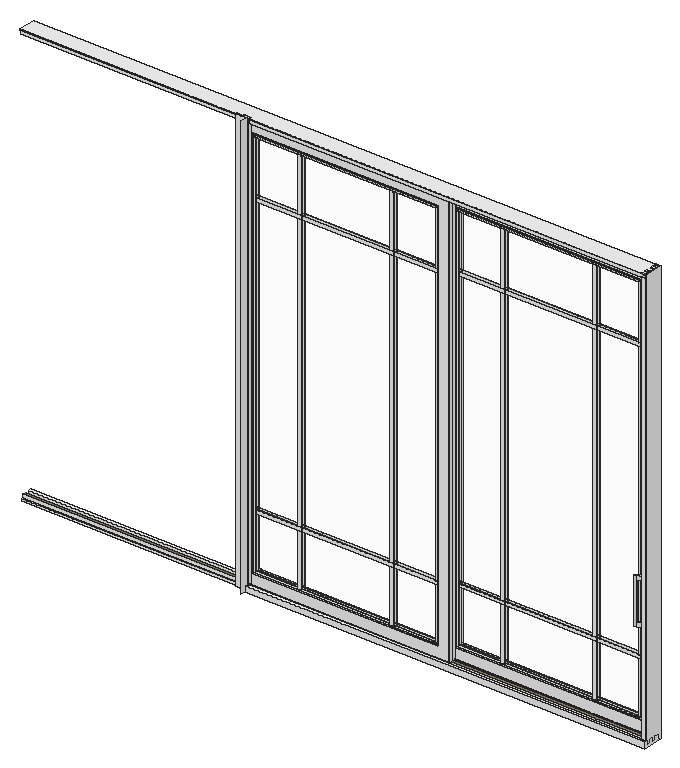
Revit family "Sliding_Glass-Pocket-PGT-Aluminum_Preferred-SGD770-XXd", category Doors, host Wall, Revit 2015 (continued)
Definition of nested family "SGD Door Panel Detail"
  Lines and regions (in)
    Masking region 3, in view "Ref. Level", visible <- "Left Clip", detail levels medium+fine
      outline origin (0, 0, 0) x (1, 0, 0) y (0, 1, 0)
        loop
          line (28.12788, -1.14349) -> (29.85933, -1.14349) -> (30, -1.00281) -> (30, -0.57438) -> (29.77247, -0.80191) -> (28.9814, -0.80191) -> (28.88689, -1.06157) -> (28.28853, -1.06157) -> (28.12362, -1.10269)
    Masking region 4, in view "Ref. Level", detail levels medium+fine
      outline origin (0, 0, 0) x (1, 0, 0) y (0, 1, 0)
        loop
          line (-26.56527, 0.50891) -> (-26.56527, -0.49109) -> (26.56527, -0.49109) -> (26.56527, 0.50891) -> (-26.56527, 0.50891)
    Masking region 5, in view "Ref. Level", detail levels medium+fine
      outline origin (0, 0, 0) x (1, 0, 0) y (0, 1, 0)
        loop
          line (-25.92332, -0.49109) -> (-25.92332, -0.60328) -> (-26.81855, -0.60328) -> (-26.81855, -0.35553) -> (-26.88705, -0.35553) -> (-26.88705, -0.64828) -> (-25.87832, -0.64828) -> (-25.87832, -0.49109) -> (-25.92332, -0.49109)
        loop
          line (26.88705, -0.64828) -> (26.88705, -0.35553) -> (26.81855, -0.35553) -> (26.81855, -0.60328) -> (25.92332, -0.60328) -> (25.92332, -0.49109) -> (25.87832, -0.49109) -> (25.87832, -0.64828) -> (26.88705, -0.64828)
    Masking region 6, in view "Ref. Level", visible <- "Right Clip", detail levels medium+fine
      outline origin (0, 2.5, 0) x (1, 0, 0) y (0, 1, 0)
        loop
          arc (28.12788, -1.35651) -> (28.10803, -1.37506) -> (28.12362, -1.39731) r 0.02071
          line (28.12362, -1.39731) -> (28.28853, -1.43843) -> (28.88689, -1.43843) -> (28.9814, -1.69809) -> (29.77247, -1.69809) -> (30, -1.92562) -> (30, -1.49719) -> (29.85933, -1.35651) -> (28.12788, -1.35651)
    Masking region 7, in view "Ref. Level", visible <- "Closed", detail levels medium+fine
      outline origin (0, 0, 0) x (1, 0, 0) y (0, 1, 0)
        loop
          line (-26.88633, 0.80191) -> (-29.77247, 0.80191) -> (-30, 0.57438) -> (-30, -0.57438) -> (-29.77247, -0.80191) -> (-27.01717, -0.80191) -> (-26.88705, -0.67179) -> (-26.88705, -0.33998) -> (-26.8209, -0.33998) -> (-26.77727, -0.5874) -> (-26.75283, -0.56296) -> (-26.75283, 0.55324) -> (-26.37219, 0.56792) -> (-25.97075, 0.53985) -> (-25.97075, 0.50891) -> (-25.87824, 0.50891) -> (-25.87824, 0.57944) -> (-26.49187, 0.63891) -> (-26.75693, 0.63891) -> (-26.75693, 0.67251) -> (-26.88633, 0.80191)
        loop
          line (29.77247, 0.80191) -> (26.88633, 0.80191) -> (26.75693, 0.67251) -> (26.75693, 0.63891) -> (26.49187, 0.63891) -> (25.87824, 0.57944) -> (25.87824, 0.50891) -> (25.97075, 0.50891) -> (25.97075, 0.53985) -> (26.37219, 0.56792) -> (26.75283, 0.55324) -> (26.75283, -0.56296) -> (26.77727, -0.5874) -> (26.8209, -0.33998) -> (26.88705, -0.33998) -> (26.88705, -0.67179) -> (27.01717, -0.80191) -> (29.77247, -0.80191) -> (30, -0.57438) -> (30, 0.57438) -> (29.77247, 0.80191)
    Masking region 8, in view "Ref. Level", visible <- "Dbl", detail levels medium+fine
      outline origin (0, 0, 0) x (1, 0, 0) y (0, 1, 0)
        loop
          line (-29.85933, 1.14349) -> (-30, 1.00281) -> (-30, 0.57438) -> (-29.77247, 0.80191) -> (-28.9814, 0.80191) -> (-28.88689, 1.06157) -> (-28.28853, 1.06157) -> (-28.12362, 1.10269)
          arc (-28.12362, 1.10269) -> (-28.10803, 1.12494) -> (-28.12788, 1.14349) r 0.02071
          line (-28.12788, 1.14349) -> (-29.85933, 1.14349)
    detail lines, in view "Ref. Level", detail levels coarse
      curve 1: line (-26.75283, 0.00891, 0) -> (26.75283, 0.00891, 0)
  Dimensions and locks (in)
    equal spacing: plane 4, plane 3 "Center (Left/Right)", plane 5
    "Panel Width": plane 4 to plane 5
    Masking region 1 sketch curve to Masking region 1 sketch curve to Masking region 1 sketch curve to Masking region 1 sketch curve to Masking region 1 sketch curve to Masking region 1 sketch curve = 0.22753" locked, 0" locked, 2.75623" locked, 0.13401" locked, 0.1294" locked
    Masking region 1 sketch curve to Masking region 1 sketch curve to Masking region 1 sketch curve to Masking region 1 sketch curve to Masking region 1 sketch curve to Masking region 1 sketch curve = 0.22753" locked, 0.03588" locked, 1.11288" locked, 0.09813" locked, 0.1294" locked
    Masking region 1 sketch curve to Masking region 1 sketch curve to Masking region 1 sketch curve to Masking region 1 sketch curve to Masking region 1 sketch curve to Masking region 1 sketch curve = 0.22753" locked, 0" locked, 2.7553" locked, 0.13084" locked, 0.1335" locked
    Masking region 1 sketch curve to Masking region 1 sketch curve to Masking region 1 sketch curve to Masking region 1 sketch curve to Masking region 1 sketch curve to Masking region 1 sketch curve = 0.22753" locked, 0.03681" locked, 1.11195" locked, 0.09403" locked, 0.1335" locked
    locked: plane 4 to Masking region 1 sketch curve at 3.24717
    locked: Masking region 1 sketch curve to plane 5 at 3.24717
    Masking region 1 sketch curve to Masking region 1 sketch curve to plane 1 "Center (Front/Back)" = 0" locked, 0.80191" locked
    locked: plane 1 "Center (Front/Back)" to Masking region 4 sketch curve at 0.50891
    "Glass Thickness": Masking region 4 sketch curve to Masking region 4 sketch curve
    locked: plane 4 to Masking region 4 sketch curve at 3.43473
    locked: Masking region 4 sketch curve to plane 5 at 3.43473
    Masking region 5 sketch curve to Masking region 5 sketch curve to Masking region 5 sketch curve to Masking region 5 sketch curve to plane 5 = 0.045" locked, 0.89523" locked, 0.06851" locked, 3.11295" locked
    plane 4 to Masking region 5 sketch curve to Masking region 5 sketch curve to Masking region 5 sketch curve to Masking region 5 sketch curve = 3.11295" locked, 0.06851" locked, 0.89523" locked, 0.045" locked
    Masking region 5 sketch curve to Masking region 5 sketch curve to Masking region 5 sketch curve to Masking region 5 sketch curve to Masking region 5 sketch curve to Masking region 5 sketch curve to plane 1 "Center (Front/Back)" = 0" locked, 0.045" locked, 0" locked, 0.24776" locked, 0" locked, 0.35553" locked
    plane 4 to Masking region 2 sketch curve to Masking region 2 sketch curve to Masking region 2 sketch curve to Masking region 2 sketch curve to Masking region 2 sketch curve to Masking region 2 sketch curve to Masking region 2 sketch curve to Masking region 2 sketch curve to Masking region 2 sketch curve to Masking region 2 sketch curve to Masking region 2 sketch curve to Masking region 2 sketch curve to Masking region 2 sketch curve to Masking region 2 sketch curve to Masking region 2 sketch curve to Masking region 2 sketch curve to Masking region 2 sketch curve to Masking region 2 sketch curve = 0" locked, 0" locked, 0.22753" locked, 0" locked, 0.22855" locked, 0" locked, 0.7679" locked, 1.75885" locked, 0.13012" locked, 0.00072" locked, 0.06544" locked, 0.04363" locked, 0.02034" locked, 0.0041" locked, 0.26096" locked, 0.11968" locked, 0.40144" locked, 0.09251" locked
    Masking region 2 sketch curve to Masking region 2 sketch curve to Masking region 2 sketch curve to Masking region 2 sketch curve to Masking region 2 sketch curve to Masking region 2 sketch curve to Masking region 2 sketch curve to Masking region 2 sketch curve to plane 1 "Center (Front/Back)" to Masking region 2 sketch curve to Masking region 2 sketch curve to Masking region 2 sketch curve to Masking region 2 sketch curve to Masking region 2 sketch curve to Masking region 2 sketch curve to Masking region 2 sketch curve to Masking region 2 sketch curve to Masking region 2 sketch curve to Masking region 2 sketch curve = 0.06463" locked, 0.06549" locked, 0.08439" locked, 0.01302" locked, 0.01142" locked, 0.03565" locked, 0.18732" locked, 0.33998" locked, 0.50891" locked, 0.01839" locked, 0.02593" locked, 0.01469" locked, 0.00646" locked, 0.00506" locked, 0.05947" locked, 0.0336" locked, 0.06477" locked, 0.06463" locked
    Masking region 2 sketch curve to Masking region 2 sketch curve to Masking region 2 sketch curve to Masking region 2 sketch curve to Masking region 2 sketch curve to Masking region 2 sketch curve to plane 1 "Center (Front/Back)" to Masking region 2 sketch curve to Masking region 2 sketch curve to Masking region 2 sketch curve to Masking region 2 sketch curve to Masking region 2 sketch curve to Masking region 2 sketch curve to Masking region 2 sketch curve to Masking region 2 sketch curve to Masking region 2 sketch curve = 0.13012" locked, 0.08439" locked, 0.01302" locked, 0.01142" locked, 0.22298" locked, 0.33998" locked, 0.50891" locked, 0.03094" locked, 0.01339" locked, 0.01469" locked, 0.00646" locked, 0.00506" locked, 0.05947" locked, 0.0336" locked, 0.1294" locked
    Masking region 2 sketch curve to Masking region 2 sketch curve to Masking region 2 sketch curve to Masking region 2 sketch curve to Masking region 2 sketch curve to Masking region 2 sketch curve to Masking region 2 sketch curve to Masking region 2 sketch curve to Masking region 2 sketch curve to Masking region 2 sketch curve to Masking region 2 sketch curve to Masking region 2 sketch curve to Masking region 2 sketch curve to plane 5 to Masking region 2 sketch curve = 0.09251" locked, 0.40144" locked, 0.11968" locked, 0.26096" locked, 0.0041" locked, 0.02034" locked, 0.04363" locked, 0.06544" locked, 0.00072" locked, 0.13012" locked, 2.7553" locked, 0" locked, 0.22753" locked, 0" locked
    Masking region 3 sketch curve to Masking region 3 sketch curve to Masking region 3 sketch curve to Masking region 3 sketch curve to Masking region 3 sketch curve to Masking region 3 sketch curve to plane 1 "Center (Front/Back)" = 0.0408" locked, 0.04112" locked, 0.05876" locked, 0.2009" locked, 0.22753" locked, 0.57438" locked
    Masking region 3 sketch curve to Masking region 3 sketch curve to Masking region 3 sketch curve to Masking region 3 sketch curve to Masking region 3 sketch curve to Masking region 3 sketch curve to Masking region 3 sketch curve to Masking region 3 sketch curve to plane 5 to Masking region 3 sketch curve = 0.0157" locked, 0.00426" locked, 0.16065" locked, 0.59836" locked, 0.09451" locked, 0.79107" locked, 0.08686" locked, 0.14067" locked, 0" locked
    Masking region 6 sketch curve to Masking region 6 sketch curve to Masking region 6 sketch curve to Masking region 6 sketch curve to Masking region 6 sketch curve to Masking region 6 sketch curve to Masking region 6 sketch curve to plane 5 to Masking region 6 sketch curve = 0.00426" locked, 0.16065" locked, 0.59836" locked, 0.09451" locked, 0.79107" locked, 0.08686" locked, 0.14067" locked, 0" locked
    plane 4 to Masking region 8 sketch curve to Masking region 8 sketch curve to Masking region 8 sketch curve to Masking region 8 sketch curve to Masking region 8 sketch curve to Masking region 8 sketch curve to Masking region 8 sketch curve to Masking region 8 sketch curve = 0" locked, 0.14067" locked, 0.08686" locked, 0.79107" locked, 0.09451" locked, 0.59836" locked, 0.16065" locked, 0.00426" locked
    plane 4 to Masking region 7 sketch curve to Masking region 7 sketch curve to Masking region 7 sketch curve to Masking region 7 sketch curve to Masking region 7 sketch curve to Masking region 7 sketch curve to Masking region 7 sketch curve to Masking region 7 sketch curve to Masking region 7 sketch curve to Masking region 7 sketch curve to Masking region 7 sketch curve to Masking region 7 sketch curve to Masking region 7 sketch curve to Masking region 7 sketch curve = 0" locked, 0.22753" locked, 0" locked, 2.7553" locked, 0.13012" locked, 0.00072" locked, 0.06544" locked, 0.04363" locked, 0.02034" locked, 0.0041" locked, 0.26096" locked, 0.11968" locked, 0.40144" locked, 0.09251" locked
    Masking region 7 sketch curve to Masking region 7 sketch curve to Masking region 7 sketch curve to Masking region 7 sketch curve to Masking region 7 sketch curve to Masking region 7 sketch curve to Masking region 7 sketch curve to Masking region 7 sketch curve to Masking region 7 sketch curve to Masking region 7 sketch curve to Masking region 7 sketch curve to Masking region 7 sketch curve to Masking region 7 sketch curve to plane 5 to Masking region 7 sketch curve = 0.09251" locked, 0.40144" locked, 0.11968" locked, 0.26096" locked, 0.0041" locked, 0.02034" locked, 0.04363" locked, 0.06544" locked, 0.00072" locked, 0.13012" locked, 2.7553" locked, 0" locked, 0.22753" locked, 0" locked
    aligned and locked: Masking region 4 to Masking region 5 sketch curve  (x2)
    aligned and locked: Masking region 2 to curve 1  (x2)
    aligned and locked: Masking region 7 sketch curve to Masking region 2  (x28)
  Automatic sketch dimensions
    curve 1 to plane 1 "Center (Front/Back)" = 0.00891"
    Masking region 2 sketch curve to Masking region 2 sketch curve = 0.03094"
    Masking region 6 sketch curve to Masking region 6 sketch curve = 0.00075"
    Masking region 6 sketch curve to plane 1 "Center (Front/Back)" = 1.10269"
    Masking region 6 sketch curve to Masking region 6 sketch curve = 0.04112"
    Masking region 6 sketch curve to Masking region 6 sketch curve = 0.05876"
    Masking region 6 sketch curve to Masking region 6 sketch curve = 0.2009"
    Masking region 6 sketch curve to Masking region 6 sketch curve = 0.22753"
    Masking region 6 sketch curve to Masking region 6 sketch curve = 0.0201"
    Masking region 8 sketch curve to Masking region 8 sketch curve = 0.00075"
    Masking region 8 sketch curve to plane 1 "Center (Front/Back)" = 0.57438"
    Masking region 8 sketch curve to Masking region 8 sketch curve = 0.22753"
    Masking region 8 sketch curve to Masking region 8 sketch curve = 0.2009"
    Masking region 8 sketch curve to Masking region 8 sketch curve = 0.25966"
    Masking region 8 sketch curve to Masking region 8 sketch curve = 0.04112"
    Masking region 8 sketch curve to Masking region 8 sketch curve = 0.0201"
Definition of nested family "Handle Detail Only"
  Reference planes (in)
    plane 1 "Center (Front/Back)": y = 0
    plane 2: z = 0
    plane 3 "Center (Left/Right)": x = 0
  Lines and regions (in)
    Masking region 1, in view "Ref. Level", detail levels medium+fine
      outline origin (0, 0, 0) x (1, 0, 0) y (0, 1, 0)
        loop
          arc (-1.19766, -1.93106) -> (-0.50348, -1.37817) -> (0.31643, -1.03861) r 3.1805
          line (0.31643, -1.03861) -> (0.31643, 0) -> (-0.30857, 0) -> (-0.30857, -0.49841)
          arc (-0.30857, -0.49841) -> (-0.33998, -0.60601) -> (-0.42435, -0.67981) r 0.2
          line (-0.42435, -0.67981) -> (-1.8194, -1.32752)
          arc (-1.8194, -1.32752) -> (-2.02657, -1.52416) -> (-2.07266, -1.80606) r 0.4477
          line (-2.07266, -1.80606) -> (-1.94766, -1.93106) -> (-1.19766, -1.93106)
